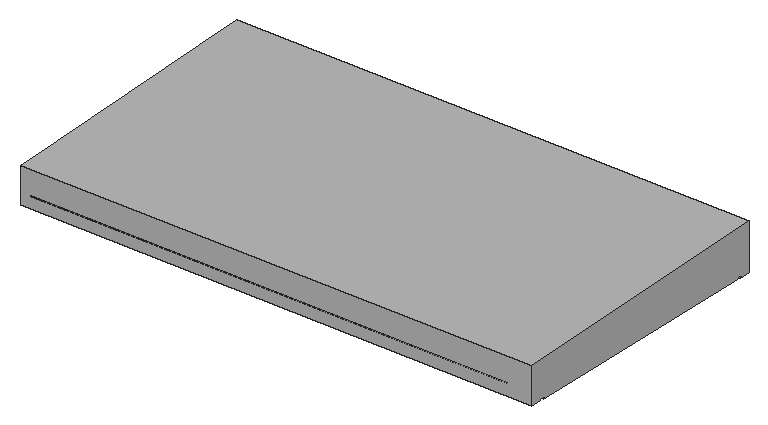
Revit family "WC270 Feather Edge", category Generic Models, Revit 2020
Family settings
  Can host rebar = No
  Round Connector Dimension = Use Diameter
  Part Type = Normal
  Work Plane-Based = No
  Always vertical = Yes
  Cut with Voids When Loaded = No
  Shared = No
  Room Calculation Point = No
Parameters
  Weight = "136Kg"
  Warranty Guarantor Parts = "n/a"
  Warranty Guarantor Labour = "n/a"
  Warranty Duration Unit = "n/a"
  Warranty Duration Parts = "n/a"
  Warranty Duration Labour = "n/a"
  Warranty Description = "n/a"
  Unit Width [instance] = 575 mm
  Unit Length [instance] = 1090 mm
  Unit Height [instance] = 100 mm
  URL = "www.killeshal.com"
  Types = "Single"
  Type Comments = "Visit our website for a full list of available products."
  Sustainability Performance = "n/a"
  Structural Class = "n/a"
  Span = "Unit Length"
  Slope = "0.00°"
  Size = "575mm x 100 to 75mm"
  Shape = "As per drawing"
  Service Life = "0.000000"
  Serial Number = "n/a"
  Resistance to Fire = "n/a"
  Replacement Cost = "n/a"
  Reference = "n/a"
  Notified Body = "n/a"
  Nominal Cover to Main Bar = "n/a"
  Model = "W/C 270 Wall Cap."
  Mechanical Resistance = "n/a"
  Manufacturer = "Killeshal Precast Concrete Ltd."
  Load Bearing = no
  Life Cycle Environmental Load = "n/a"
  Length Options = "Stock size 1090mm."
  Keynote = "The information contained is the sole property of KPC Ltd., any reproduction in part or whole without permission of KPC Ltd. is prohibited."
  Environmental Product Declaration = "n/a"
  Environmental Class = "n/a"
  Durability against Corrosion = "n/a"
  Dimension Accuracy Class = "n/a"
  Detailing = "As per design specification and product drawings."
  Description = "Feather Edge Wall Cap"
  Default Elevation = 0 mm
  Dangerous Substances = "n/a"
  Contact Tel = "0035357 9353018"
  Contact Email = "sales@killeshal.com"
  Construction Type = "Precast"
  Construction Tolerance Class = "n/a"
  Compressive Strength of Concrete = "n/a"
  Characteristics of Reinforcing Steel = "n/a"
  Characteristics Deflection Under Load = "n/a"
Reference planes
  plane 1 "Center (Front/Back)": y = 0
  plane 2: z = 0
  plane 3 "Center (Left/Right)": x = 0
  plane 4 "Rear": y = 287.5
  plane 5 "Front": y = -287.5
  plane 6 "Top": z = 100
  plane 7 "Center L/T": z = 75
Forms (mm)
  Extrusion 1, solid, material "Precast Concrete (KPC)"
    sketch origin (0, 0, 0) x (0, 1, 0) y (0, 0, 1)
      loop
        line (-287.5, 75) -> (-287.5, 0) -> (-267.5, 0)
        arc (-267.5, 0) -> (-262.5, 5) -> (-257.5, 0) r 5
        line (-257.5, 0) -> (257.5, 0)
        arc (257.5, 0) -> (262.5, 5) -> (267.5, 0) r 5
        line (267.5, 0) -> (287.5, 0) -> (287.5, 100) -> (-287.5, 75)
    from 0 to 1090
Dimensions and locks
  "Unit Length": Extrusion 1 to Extrusion 1
  "Unit Width": Extrusion 1 to Extrusion 1
  plane 7 "Center L/T" to level = 75 mm
  "Unit Height": plane 6 "Top" to level
  aligned and locked: level to plane 2
Automatic sketch dimensions
  Extrusion 1 sketch curve to plane 5 "Front" = 0 mm
  Extrusion 1 sketch curve to level = 0 mm
  Extrusion 1 sketch curve to plane 4 "Rear" = 0 mm
  Extrusion 1 sketch curve to plane 7 "Center L/T" = 0 mm
  Extrusion 1 sketch curve to plane 6 "Top" = 0 mm
  plane 5 "Front" to Extrusion 1 sketch curve = 20 mm
  Extrusion 1 sketch curve to Extrusion 1 sketch curve = 5 mm  (x2)
  Extrusion 1 sketch curve to Extrusion 1 sketch curve = 30 mm
